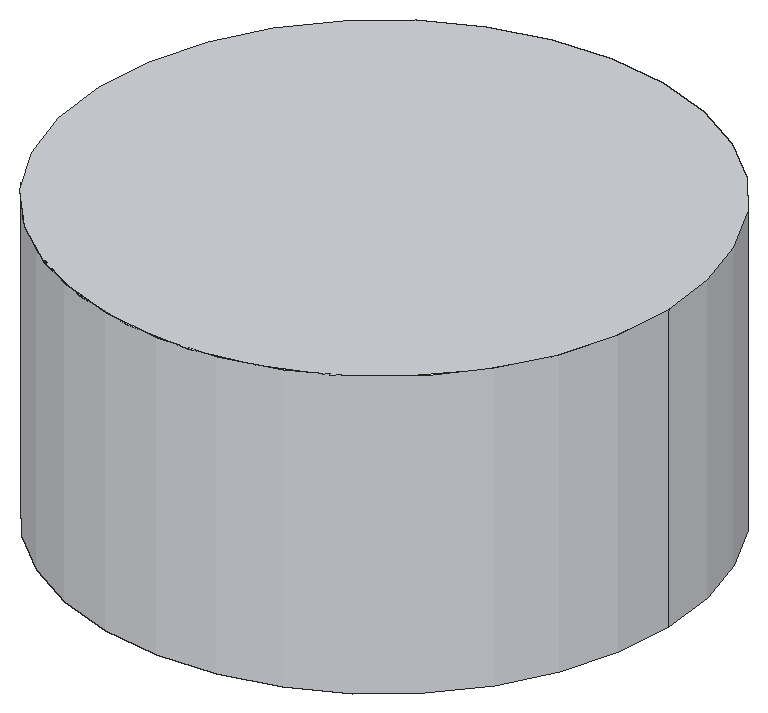
Revit family "ASF-20-C2", category Mechanical Equipment, Revit 2023
Family settings
  Round Connector Dimension = Use Diameter
  Classification = None
  Part Type = Normal
  OmniClass Number = 23.75.00.00
  OmniClass Title = Climate Control (HVAC)
  Work Plane-Based = No
  Always vertical = Yes
  Cut with Voids When Loaded = No
  Maintain Annotation Orientation = No
  Shared = No
  Room Calculation Point = No
Parameters (values of type "Standard")
  Volume = 0.112871 CF
  Title = "Aura Solar Attic Fan - 20\" Diameter, 2\" Tall Collar"
  Subject = "ASF-20-C2"
  Requested Accuracy = "Low"
  Part Number = "ASF-20-C2"
  Mass = 13.5974 lbm
  Designer = "CAD Machine"
  Design State = 1
  Density = 120.468 lb/ft³
  Default Elevation = 0' - 0"
  Creation Date = "11/21/2022"
  Connector_1_Diameter = 1' - 7 3/4"
  Center of Gravity = "X: 0.022 in Y: -4.973 in Z: -0.059 in"
  Author = "CAD Machine"
  Area = 68.9133 SF
Reference planes (in)
  plane 1 "Center (Front/Back)": y = 0
  plane 2: z = 0
  plane 3 "Center (Left/Right)": x = 0
Forms (in)
  Extrusion 1, solid
    sketch origin (0, 0, -12.59716) x (1, 0, 0) y (0, 1, 0)
      loop
        circle (0, 0) r 0.12
    from 0 to -0.12
Dimensions and locks (in)
  aligned and locked: plane 2 to level
Connectors (in)
  hvac at (0, 0, -12.59716), driven by "Connector_1_Diameter"
    settings: on Extrusion 1, index 1, duct flow 0 CFM, flow factor 0, pres drop 0.00 in-wg, loss coef 0, conn angle 0.00°, conn width 12", conn height 12", conn diameter 19 3/4", duct sys type 3, conn prof type 0, flow config 1, flow direction 1, loss method 0, conn ref index -1, conn util no, is conn primary yes, conn desc ""
